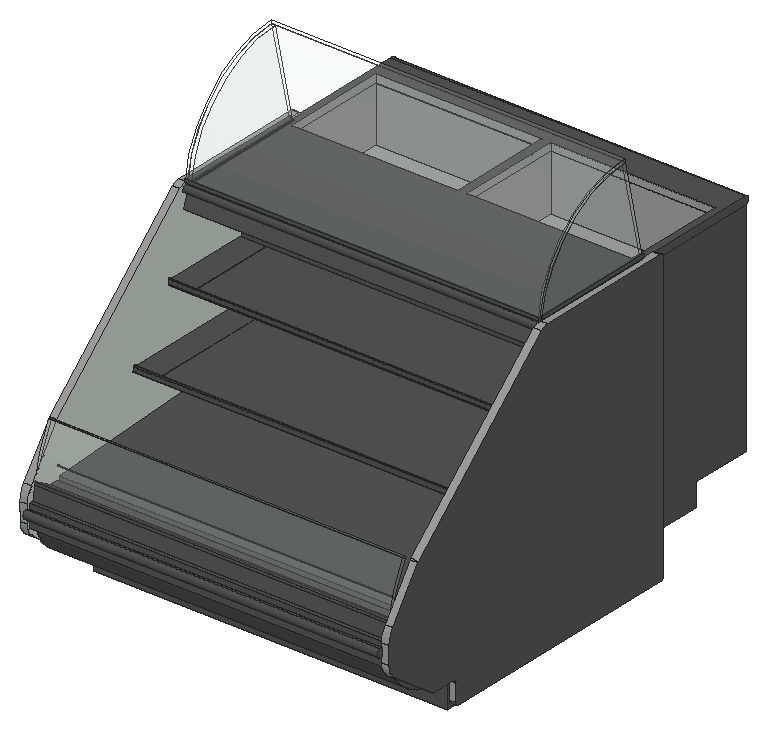
Revit family "E2SPH_2014", category Specialty Equipment, Revit 2014
Parameters (values of type "4'-0" Length")
  Width = 48 1/8"  # constant formula
  Waste Drain Location = 24"  # constant formula
  Waste Drain = 1 1/2"  # constant formula
  URL = "www.hussmann.com"
  Type Comments = "Elite"  # constant formula
  Trim = Stainless Steel
  Total Weight = Case Weight + (2 * End Weight)  # 850.00 lbf
  Splashguard = Textured Sheet Metal (Steel Painted) - 701 Black
  Side Panel - Right [instance] = yes
  Side Panel - Left [instance] = yes
  Shelves = Sheet Metal (Steel Painted) - 701 Black
  Shelf Lights [instance] = yes
  Shelf [instance] = yes
  Revit Family Date = "05/26/2016"  # constant formula
  Refrigeration Lines Suction = 7/8"  # constant formula
  Refrigeration Lines Liquid = 3/8"  # constant formula
  Refrig. Suction = "Suction"
  Refrig. Liquid = "Liquid"
  Number of Supports = 2  # constant formula
  Number of Shelves = 2  # constant formula
  Note from Manufacturer = "This model only comes in 4'-0\" length."
  Model URL = "http://www.hussmann.com/en/product%20viewer/display-cases/E2SP"
  Model = "E2SPH"  # constant formula
  Manufacturer Disclaimer = "The information in this file is not intended to be an exact representation of the corresponding Hussmann product.  Further, we reserve the right to change or revise specifications and product design in connection with any feature of our products. Such changes do not entitle the buyer to corresponding changes, improvements, additions, or replacements for equipment previously sold or shipped."  # constant formula
  Manufacturer = "Hussmann Corporation"  # constant formula
  Height = 53 3/4"  # constant formula
  Glazing = Glass
  Ends = Textured Sheet Metal (Steel Painted) - 701 Black
  End Weight = 75.00 lbf  # constant formula
  Door Frame = Plastic - 701 Black
  Description = "Self-Service Multi-Deck Display With Prep Top and Hot Wells"  # constant formula
  Depth = 63"  # constant formula
  Cutsheet URL = "http://www.hussmann.com/en/Technical%20Documents/0453532_D_E2SPH.pdf"
  Case Weight = 700.00 lbf  # constant formula
  Case Interior - Side Panel = Mirror
  Case Interior - Back Panel = Sheet Metal (Steel Painted) - 701 Black
  Case = Textured Sheet Metal (Steel Painted) - 701 Black
  Bumper = Extruded PVC - 701 Black
  Assembly Code = ""
  Accessories/Options = ""
Reference planes (in)
  plane 1 "Back": y = 0
  plane 2 "Bottom": z = 0
  plane 3 "Left": x = -77.30699
  plane 4 "Center (Left/Right)": x = -53.24449
  plane 5: x = -78.30699
  plane 6 "Right": x = -29.18199
  plane 7: x = -28.18199
  plane 8: y = -47
  plane 9: z = 22
  plane 10: z = 30
  plane 11 "Hot Well Back": y = 16
  plane 12 "Top": z = 53.75
Forms (in)
  Extrusion 1, solid, material "Metal - Copper"
    sketch origin (63.0625, 1.04319, 0) x (1, 0, 0) y (0, 1, 0)
      loop
        arc (-116.36949, -27.91819) -> (-116.89982, -28.13786) -> (-117.11949, -28.66819) r 0.75
        arc (-117.11949, -28.66819) -> (-116.89982, -29.19852) -> (-116.36949, -29.41819) r 0.75
        arc (-116.36949, -29.41819) -> (-115.83916, -29.19852) -> (-115.61949, -28.66819) r 0.75
        arc (-115.61949, -28.66819) -> (-115.83916, -28.13786) -> (-116.36949, -27.91819) r 0.75
      loop
        circle (-116.36949, -28.66819) r 0.7102
    from 5.423 to 2.937
  Extrusion 2, solid, material "Metal - Copper"
    sketch origin (57.40105, 5, -0.375) x (1, 0, 0) y (0, 1, 0)
      loop
        circle (-95.39554, -35.75) r 0.41359
      loop
        circle (-95.39554, -35.75) r 0.4375
    from 5.798 to 3.312
  Extrusion 3, solid, material "Metal - Copper"
    sketch origin (59.82608, 5, -0.375) x (1, 0, 0) y (0, 1, 0)
      loop
        circle (-97.19557, -35.75) r 0.17188
      loop
        circle (-97.19557, -35.75) r 0.1875
    from 5.798 to 3.312
  Extrusion 4, solid, material "Sheet Metal (Steel Painted) - 701 Black" <- "Shelves"
    sketch origin (-53.24449, 0, 0) x (0, 1, 0) y (0, 0, 1)
      loop
        line (-40.48772, 14.30775) -> (-40.44502, 13.49177) -> (-9.58923, 15.10631) -> (-9.63193, 15.92229) -> (-40.48772, 14.30775)
    from 24.0625 to -24.0625
  Extrusion 5, solid, material "Glass" <- "Glazing"
    sketch origin (-53.24449, 0, 0) x (0, 1, 0) y (0, 0, 1)
      loop
        line (-40.82761, 13.19641) -> (-40.57761, 13.19641) -> (-40.57761, 15.57141)
        arc (-40.57761, 15.57141) -> (-40.70261, 15.69641) -> (-40.82761, 15.57141) r 0.125
        line (-40.82761, 15.57141) -> (-40.82761, 13.19641)
      loop
        line (-44.4716, 13.072) -> (-44.15521, 14.86632)
        arc (-44.15521, 14.86632) -> (-43.23305, 18.35864) -> (-41.74236, 21.64869) r 21.62056
        arc (-41.74236, 21.64869) -> (-41.8335, 21.97009) -> (-42.15489, 21.87894) r 0.23622
        arc (-42.15489, 21.87894) -> (-43.67816, 18.51699) -> (-44.62047, 14.94836) r 22.093
        line (-44.62047, 14.94836) -> (-44.93686, 13.15404) -> (-44.4716, 13.072)
    from 24.0625 to -24.0625
  Extrusion 6, solid, material "Extruded PVC - 701 Black" <- "Bumper"
    sketch origin (-53.24449, 0, 0) x (0, 1, 0) y (0, 0, 1)
      loop
        arc (-45.9466, 12.5539) -> (-46.5001, 12.0004) -> (-45.9466, 11.4469) r 0.5535
        line (-45.9466, 11.4469) -> (-45.6381, 11.4469) -> (-45.6381, 12.5539) -> (-45.9466, 12.5539)
    from 24.0625 to -24.0625
  Extrusion 7, solid, material "Textured Sheet Metal (Steel Painted) - 701 Black" <- "Case"
    sketch origin (-53.24449, 0, 0) x (0, 1, 0) y (0, 0, 1)
      loop
        line (-44.99291, 13.208) -> (-45.6381, 13.208) -> (-45.6381, 10.214) -> (-44.69933, 10.214)
        arc (-44.69933, 10.214) -> (-41.71484, 5.93149) -> (-36.76113, 4.28594) r 8.279
        line (-36.76113, 4.28594) -> (-36.48213, 4.28594) -> (-36.48213, 4.35114) -> (-36.00615, 4.35114) -> (-36.00615, 4.38614) -> (-36.3801, 4.38614) -> (-36.3801, 4.853) -> (-33.8771, 4.853) -> (-33.8771, 5.325) -> (-33.3771, 5.325) -> (-33.3771, 5.423) -> (-10.19583, 5.423) -> (-3.25, 9.43077) -> (-3.25, 6.121) -> (7.625, 6.121) -> (7.625, 9.25) -> (16, 9.25) -> (16, 39.401) -> (-18.72518, 39.401) -> (-19.40922, 37.52161) -> (-18.93937, 37.3506) -> (-18.91504, 37.41746) -> (-19.22348, 37.79836) -> (-17.84016, 38.91855) -> (-16.57806, 37.35998) -> (-16.49391, 37.42812) -> (-16.21827, 37.08773) -> (-16.18607, 37.11381) -> (-14.91905, 35.33004) -> (-14.99512, 35.26712) -> (-14.79581, 35.02616) -> (-9.5773, 35.02616) -> (-9.5773, 11.27) -> (-38.95061, 11.27) -> (-38.95061, 12.39941) -> (-38.75145, 12.39941) -> (-38.75145, 13.19641) -> (-40.82761, 13.19641) -> (-40.82761, 13.96241) -> (-42.13687, 13.96241) -> (-42.13687, 14.02541) -> (-44.1014, 15.15963)
        arc (-44.1014, 15.15963) -> (-44.12881, 15.01307) -> (-44.15521, 14.86632) r 21.62056
        line (-44.15521, 14.86632) -> (-44.4716, 13.072) -> (-44.93686, 13.15404) -> (-44.62047, 14.94836)
        arc (-44.62047, 14.94836) -> (-44.58429, 15.14822) -> (-44.54626, 15.34774) r 22.093
        line (-44.54626, 15.34774) -> (-44.60417, 15.35905)
        arc (-44.60417, 15.35905) -> (-44.64229, 15.159) -> (-44.67858, 14.95861) r 22.152
        line (-44.67858, 14.95861) -> (-44.98726, 13.208)
    from 24.0625 to -24.0625
  Extrusion 8, solid, material "Textured Sheet Metal (Steel Painted) - 701 Black" <- "Splashguard"
    sketch origin (-53.24449, 0, 0) x (0, 1, 0) y (0, 0, 1)
      loop
        line (-34.5001, 0.071) -> (-34.2961, 0.071) -> (-34.2961, 0.024) -> (-28.3751, 0.024) -> (-28.3751, 2.008) -> (-28.8941, 2.008) -> (-28.8941, 0.571) -> (-33.7491, 0.571) -> (-33.7491, 0.506) -> (-33.7901, 0.506) -> (-33.7901, 0.106) -> (-34.0651, 0.106) -> (-34.0651, 4.161) -> (-33.7901, 4.161) -> (-33.7901, 3.761) -> (-33.7551, 3.761) -> (-33.7551, 4.196) -> (-34.2251, 4.196) -> (-34.2251, 4.752)
        arc (-34.2251, 4.752) -> (-34.25468, 4.82342) -> (-34.3261, 4.854) r 0.101
        line (-34.3261, 4.854) -> (-34.8811, 4.854) -> (-34.8811, 4.782) -> (-34.3261, 4.782)
        arc (-34.3261, 4.782) -> (-34.30489, 4.77321) -> (-34.2961, 4.752) r 0.03
        line (-34.2961, 4.752) -> (-34.2961, 4.196) -> (-34.5001, 4.196) -> (-34.5001, 0.071)
    from 24.0625 to -24.0625
  Extrusion 9, solid, material "Stainless Steel"
    sketch origin (-53.24449, 0, 0) x (0, 1, 0) y (0, 0, 1)
      loop
        line (-7.5801, 2.166) -> (-7.5801, 2.102) -> (-6.7501, 2.102) -> (-6.7501, 0) -> (-4.3751, 0) -> (-4.3751, 2.102) -> (-3.4381, 2.102) -> (-3.4381, 2.166) -> (-4.4461, 2.166) -> (-4.4461, 0.071) -> (-6.6791, 0.071) -> (-6.6791, 2.166) -> (-7.5801, 2.166)
      loop
        line (-29.2221, 2.166) -> (-29.2221, 2.102) -> (-28.3751, 2.102) -> (-28.3751, 0) -> (-26.0001, 0) -> (-26.0001, 2.102) -> (-25.0801, 2.102) -> (-25.0801, 2.166) -> (-26.0711, 2.166) -> (-26.0711, 0.071) -> (-28.3041, 0.071) -> (-28.3041, 2.166) -> (-29.2221, 2.166)
    from 24.0625 to -24.0625
  Extrusion 10, solid, material "Textured Sheet Metal (Steel Painted) - 701 Black" <- "Ends", visible <- "Side Panel - Left"
    sketch origin (-77.30699, 0, 0) x (0, 1, 0) y (0, 0, 1)
      loop
        line (-33.91139, 0.751) -> (0.2987, 0.751)
        arc (0.2987, 0.751) -> (0.65226, 0.89745) -> (0.7987, 1.251) r 0.5
        line (0.7987, 1.251) -> (0.7987, 1.75092) -> (0.7987, 39.52908) -> (0.7987, 40.029)
        arc (0.7987, 40.029) -> (0.65226, 40.38255) -> (0.2987, 40.529) r 0.5
        line (0.2987, 40.529) -> (-18.7683, 40.529)
        arc (-18.7683, 40.529) -> (-19.35866, 40.41908) -> (-19.8699, 40.10406) r 1.64036
        line (-19.8699, 40.10406) -> (-40.74717, 21.18188)
        arc (-40.74717, 21.18188) -> (-40.78473, 21.144) -> (-40.81804, 21.10232) r 0.5
        line (-40.81804, 21.10232) -> (-45.12824, 15.07716)
        arc (-45.12824, 15.07716) -> (-45.59692, 14.14464) -> (-45.7583, 13.11351) r 3.375
        line (-45.7583, 13.11351) -> (-45.7583, 10.68066)
        arc (-45.7583, 10.68066) -> (-45.49502, 9.59381) -> (-44.76358, 8.74793) r 2.375
        line (-44.76358, 8.74793) -> (-38.38853, 4.19511)
        arc (-38.38853, 4.19511) -> (-38.25052, 4.12585) -> (-38.09795, 4.102) r 0.5
        line (-38.09795, 4.102) -> (-34.9113, 4.102)
        arc (-34.9113, 4.102) -> (-34.56114, 3.95892) -> (-34.41139, 3.61156) r 0.5
        line (-34.41139, 3.61156) -> (-34.41139, 1.251)
        arc (-34.41139, 1.251) -> (-34.26494, 0.89745) -> (-33.91139, 0.751) r 0.5
    from 0 to -1
  Extrusion 11, solid, material "Sheet Metal (Steel Painted) - 701 Black" <- "Shelves"
    sketch origin (-53.24449, 0, 0) x (0, 1, 0) y (0, 0, 1)
      loop
        arc (-19, 40.401) -> (-19.5, 39.901) -> (-19, 39.401) r 0.5
        line (-19, 39.401) -> (16, 39.401)
        arc (16, 39.401) -> (16.5, 39.901) -> (16, 40.401) r 0.5
        line (16, 40.401) -> (-19, 40.401)
    from 24.0625 to -24.0625
  Extrusion 12, solid, material "Plastic - 701 Black" <- "Door Frame"
    sketch origin (-53.24449, 0, 0) x (0, 1, 0) y (0, 0, 1)
      loop
        line (-18.969, 40.436) -> (-18.969, 40.936) -> (-19.004, 40.936) -> (-19.004, 40.451)
        arc (-19.004, 40.451) -> (-18.98936, 40.41564) -> (-18.954, 40.401) r 0.05
        line (-18.954, 40.401) -> (-18.484, 40.401)
        arc (-18.484, 40.401) -> (-18.44864, 40.41564) -> (-18.434, 40.451) r 0.05
        line (-18.434, 40.451) -> (-18.434, 40.556) -> (-18.469, 40.556) -> (-18.469, 40.436) -> (-18.969, 40.436)
    from 24.0625 to -24.0625
  Extrusion 13, solid, material "Glass" <- "Glazing"
    sketch origin (-53.24449, 0, 0) x (0, 1, 0) y (0, 0, 1)
      loop
        arc (-4.314, 53.86592) -> (-14.14888, 49.97183) -> (-18.96872, 40.556) r 15
        line (-18.96872, 40.556) -> (-18.4936, 40.556)
        arc (-18.4936, 40.556) -> (-13.81466, 49.63775) -> (-4.314, 53.39385) r 14.528
        line (-4.314, 53.39385) -> (-4.314, 53.86592)
    from 24.0625 to -24.0625
  Extrusion 14, solid, material "Plastic - 701 Black" <- "Door Frame"
    sketch origin (-58.30299, -20.87436, 0) x (1, 0, 0) y (0, 0, 1)
      loop
        line (-18.969, 40.436) -> (-18.969, 40.936) -> (-19.004, 40.936) -> (-19.004, 40.451)
        arc (-19.004, 40.451) -> (-18.98936, 40.41564) -> (-18.954, 40.401) r 0.05
        line (-18.954, 40.401) -> (-18.484, 40.401)
        arc (-18.484, 40.401) -> (-18.44864, 40.41564) -> (-18.434, 40.451) r 0.05
        line (-18.434, 40.451) -> (-18.434, 40.556) -> (-18.469, 40.556) -> (-18.469, 40.436) -> (-18.969, 40.436)
    from -2.47836 to -19.57436
  Extrusion 15, solid, material "Plastic - 701 Black" <- "Door Frame"
    sketch origin (-48.18599, -20.87436, 0) x (-1, 0, 0) y (0, 0, -1)
      loop
        line (-18.969, -40.436) -> (-18.469, -40.436) -> (-18.469, -40.556) -> (-18.434, -40.556) -> (-18.434, -40.451)
        arc (-18.434, -40.451) -> (-18.44864, -40.41564) -> (-18.484, -40.401) r 0.05
        line (-18.484, -40.401) -> (-18.954, -40.401)
        arc (-18.954, -40.401) -> (-18.98936, -40.41564) -> (-19.004, -40.451) r 0.05
        line (-19.004, -40.451) -> (-19.004, -40.936) -> (-18.969, -40.936) -> (-18.969, -40.436)
    from -2.47836 to -19.57436
  Extrusion 16, solid, material "Glass" <- "Glazing"
    sketch origin (-77.30699, 0, 0) x (0, 1, 0) y (0, 0, 1)
      loop
        arc (-4.32047, 53.39374) -> (-13.81705, 49.63558) -> (-18.4936, 40.556) r 14.528
        line (-18.4936, 40.556) -> (-1.34372, 40.556) -> (-4.32047, 53.39374)
    from 0.535 to 0.035
  Extrusion 17, solid, material "Glass" <- "Glazing"
    sketch origin (-29.18199, 0, 0) x (0, 1, 0) y (0, 0, -1)
      loop
        line (-4.32047, -53.39374) -> (-1.34372, -40.556) -> (-18.4936, -40.556)
        arc (-18.4936, -40.556) -> (-13.81705, -49.63558) -> (-4.32047, -53.39374) r 14.528
    from 0.535 to 0.035
  Extrusion 18, solid, material "Textured Sheet Metal (Steel Painted) - 701 Black" <- "Ends", visible <- "Side Panel - Left"
    sketch origin (-29.18199, 0, 0) x (0, 0, 1) y (0, -1, 0)
      loop
        line (0.751, 33.91139) -> (0.751, -0.2987)
        arc (0.751, -0.2987) -> (0.89745, -0.65226) -> (1.251, -0.7987) r 0.5
        line (1.251, -0.7987) -> (1.75092, -0.7987) -> (39.52908, -0.7987) -> (40.029, -0.7987)
        arc (40.029, -0.7987) -> (40.38255, -0.65226) -> (40.529, -0.2987) r 0.5
        line (40.529, -0.2987) -> (40.529, 18.7683)
        arc (40.529, 18.7683) -> (40.41908, 19.35866) -> (40.10406, 19.8699) r 1.64036
        line (40.10406, 19.8699) -> (21.18188, 40.74717)
        arc (21.18188, 40.74717) -> (21.144, 40.78473) -> (21.10232, 40.81804) r 0.5
        line (21.10232, 40.81804) -> (15.07716, 45.12824)
        arc (15.07716, 45.12824) -> (14.14464, 45.59692) -> (13.11351, 45.7583) r 3.375
        line (13.11351, 45.7583) -> (10.68066, 45.7583)
        arc (10.68066, 45.7583) -> (9.59381, 45.49502) -> (8.74793, 44.76358) r 2.375
        line (8.74793, 44.76358) -> (4.19511, 38.38853)
        arc (4.19511, 38.38853) -> (4.12585, 38.25052) -> (4.102, 38.09795) r 0.5
        line (4.102, 38.09795) -> (4.102, 34.9113)
        arc (4.102, 34.9113) -> (3.95892, 34.56114) -> (3.61156, 34.41139) r 0.5
        line (3.61156, 34.41139) -> (1.251, 34.41139)
        arc (1.251, 34.41139) -> (0.89745, 34.26494) -> (0.751, 33.91139) r 0.5
    from 1 to 0
  Extrusion 19, solid, material "Sheet Metal (Steel Painted) - 701 Black" <- "Shelves", visible <- "Shelf"
    sketch origin (-77.30699, 0, 0) x (0, 1, 0) y (0, 0, 1)
      loop
        line (-21.83741, 29.38588) -> (-21.63861, 29.58468) -> (-21.67113, 29.58468) -> (-21.85367, 29.40214)
        arc (-21.85367, 29.40214) -> (-21.87002, 29.39889) -> (-21.87928, 29.41275) r 0.015
        line (-21.87928, 29.41275) -> (-21.87928, 30.058)
        arc (-21.87928, 30.058) -> (-21.81666, 30.13197) -> (-21.73337, 30.08242) r 0.075
        line (-21.73337, 30.08242) -> (-21.70589, 30.00263)
        arc (-21.70589, 30.00263) -> (-21.69203, 29.98406) -> (-21.66997, 29.977) r 0.038
        line (-21.66997, 29.977) -> (-9.83349, 29.977) -> (-9.85649, 30) -> (-21.68067, 30) -> (-21.71162, 30.0899)
        arc (-21.71162, 30.0899) -> (-21.82046, 30.15465) -> (-21.90228, 30.058) r 0.098
        line (-21.90228, 30.058) -> (-21.90228, 29.41275)
        arc (-21.90228, 29.41275) -> (-21.87882, 29.37764) -> (-21.83741, 29.38588) r 0.038
      loop
        line (-27.83741, 21.38588) -> (-27.63861, 21.58468) -> (-27.67113, 21.58468) -> (-27.85367, 21.40214)
        arc (-27.85367, 21.40214) -> (-27.87002, 21.39889) -> (-27.87928, 21.41275) r 0.015
        line (-27.87928, 21.41275) -> (-27.87928, 22.058)
        arc (-27.87928, 22.058) -> (-27.81666, 22.13197) -> (-27.73337, 22.08242) r 0.075
        line (-27.73337, 22.08242) -> (-27.70589, 22.00263)
        arc (-27.70589, 22.00263) -> (-27.69203, 21.98406) -> (-27.66997, 21.977) r 0.038
        line (-27.66997, 21.977) -> (-9.83349, 21.977) -> (-9.85649, 22) -> (-27.68067, 22) -> (-27.71162, 22.0899)
        arc (-27.71162, 22.0899) -> (-27.82046, 22.15465) -> (-27.90228, 22.058) r 0.098
        line (-27.90228, 22.058) -> (-27.90228, 21.41275)
        arc (-27.90228, 21.41275) -> (-27.87882, 21.37764) -> (-27.83741, 21.38588) r 0.038
    from 0 to 48.125
  Extrusion 20, void
    sketch origin (0, 0, 0) x (1, 0, 0) y (0, 1, 0)
      loop
        line (-53.77624, 12.125) -> (-76.27624, 12.125) -> (-76.27624, -2.125) -> (-53.77624, -2.125) -> (-53.77624, 12.125)
      loop
        line (-52.58824, 12.125) -> (-52.58824, -2.125) -> (-30.08824, -2.125) -> (-30.08824, 12.125) -> (-52.58824, 12.125)
    from 31.776 to 40.401
  Extrusion 21, void
    sketch origin (0, 16, 0) x (1, 0, 0) y (0, 0, 1)
      loop
        line (-30.18199, 30.75) -> (-76.30699, 30.75) -> (-76.30699, 10.25) -> (-30.18199, 10.25) -> (-30.18199, 30.75)
    from 0 to 15.2013
Cuts and joins
  Extrusion 20, Extrusion 21 cuts Extrusion 7
  Extrusion 20 cuts Extrusion 11
Lines and regions (in)
  reference lines
    curve 1: line (-73.80699, -46.5, 0) -> (-73.80699, 0, 0)
    curve 2: line (-53.30699, -46.5, 0) -> (-53.30699, 0, 0)
    curve 3: line (-32.68199, -46.5, 0) -> (-32.68199, 0, 0)
    curve 4: line (-37.55699, -46.5, 0) -> (-37.55699, 0, 0)
    curve 5: line (-77.30699, -27.625, 0) -> (-29.18199, -27.625, 0)
    curve 6: line (-29.18199, -30.75, 0) -> (-77.30699, -30.75, 0)
Dimensions and locks (in)
  equal spacing: plane 3 "Left", plane 4 "Center (Left/Right)", plane 6 "Right"
  locked: plane 5 to plane 3 "Left" at 1
  "Width": plane 3 "Left" to plane 6 "Right"
  locked: plane 3 "Left" to curve 1 at 3.5
  locked: curve 3 to plane 6 "Right" at 3.5
  "Waste Drain Location": plane 3 "Left" to curve 2
  "Depth": plane 8 to plane 11 "Hot Well Back"
  locked: curve 4 to plane 6 "Right" at 8.375
  "Height": plane 12 "Top" to level
  locked: plane 1 "Back" to curve 5 at 27.625
  locked: plane 1 "Back" to curve 6 at 30.75
  locked: plane 6 "Right" to plane 7 at 1
  locked: Extrusion 1 sketch curve to Extrusion 1 sketch curve at 0.0398
  locked: Extrusion 3 sketch curve to Extrusion 3 sketch curve at 0.01562
  locked: Extrusion 2 sketch curve to Extrusion 2 sketch curve at 0.02391
  plane 3 "Left" to Extrusion 16 to Extrusion 16 = 0.035" locked, 1/2" locked
  locked: Extrusion 17 to Extrusion 17 at 0.5
  Extrusion 17 to Extrusion 17 to plane 6 "Right" = 1/2" locked, 0.035" locked
  locked: Extrusion 15 to plane 6 "Right" at 0.57
  locked: plane 3 "Left" to Extrusion 14 at 0.57
  group 1 to group 2 = 41 1/8"
  group 1 to group 2 = 0"  (x2)
  locked: plane 9 to level at 22
  locked: level to plane 10 at 30
  locked: plane 8 to plane 1 "Back" at 47
  locked: level to Extrusion 21 sketch curve at 10.25
  locked: plane 6 "Right" to Extrusion 21 sketch curve at 1
  locked: Extrusion 21 sketch curve to plane 3 "Left" at 1
  "Waste Drain": diameter of Extrusion 1 sketch curve
  "Refrigeration Lines Liquid": diameter of Extrusion 3 sketch curve
  "Refrigeration Lines Suction": diameter of Extrusion 2 sketch curve
  aligned and locked: plane 3 "Left" to curve 5
  aligned and locked: plane 3 "Left" to curve 6
  aligned and locked: plane 6 "Right" to curve 6
  aligned and locked: plane 6 "Right" to curve 5
  aligned and locked: curve 6 to Extrusion 3 sketch curve  (x4)
  aligned and locked: curve 6 to Extrusion 2 sketch curve  (x4)
  aligned and locked: curve 5 to Extrusion 1 sketch curve  (x3)
  aligned and locked: curve 2 to Extrusion 1 sketch curve
  aligned and locked: curve 4 to Extrusion 3 sketch curve
  aligned and locked: curve 4 to Extrusion 2 sketch curve
  aligned and locked: Extrusion 4 to plane 3 "Left"
  aligned and locked: plane 6 "Right" to Extrusion 4
  aligned and locked: Extrusion 5 to plane 3 "Left"
  aligned and locked: plane 6 "Right" to Extrusion 5
  aligned and locked: Extrusion 6 to plane 3 "Left"
  aligned and locked: plane 6 "Right" to Extrusion 6
  aligned and locked: Extrusion 7 to plane 3 "Left"
  aligned and locked: plane 6 "Right" to Extrusion 7
  aligned and locked: Extrusion 8 to plane 3 "Left"
  aligned and locked: plane 6 "Right" to Extrusion 8
  aligned and locked: Extrusion 9 to plane 3 "Left"
  aligned and locked: plane 6 "Right" to Extrusion 9
  aligned and locked: plane 3 "Left" to nested 1
  aligned and locked: plane 3 "Left" to nested 2
  aligned and locked: plane 5 to Extrusion 10
  aligned and locked: plane 3 "Left" to Extrusion 10
  aligned and locked: plane 6 "Right" to Extrusion 11
  aligned and locked: Extrusion 11 to plane 3 "Left"
  aligned and locked: Extrusion 12 to plane 3 "Left"
  aligned and locked: plane 6 "Right" to Extrusion 12
  aligned and locked: Extrusion 13 to plane 3 "Left"
  aligned and locked: plane 6 "Right" to Extrusion 13
  aligned and locked: plane 6 "Right" to Extrusion 15
  aligned and locked: Extrusion 14 to plane 3 "Left"
  aligned and locked: plane 7 to Extrusion 18
  aligned and locked: Extrusion 18 to plane 6 "Right"
  aligned and locked: Extrusion 19 to plane 3 "Left"
  aligned and locked: plane 6 "Right" to Extrusion 19
  aligned and locked: curve 1 to nested 7
  aligned and locked: curve 1 to nested 4
  aligned and locked: curve 1 to nested 3
  aligned and locked: curve 3 to nested 8
  aligned and locked: plane 3 "Left" to nested 9
  aligned and locked: plane 3 "Left" to nested 10
Automatic sketch dimensions
  Extrusion 4 sketch curve to Extrusion 4 sketch curve = 0.0427"
  plane 1 "Back" to Extrusion 4 sketch curve = 9.63193"
  level to Extrusion 4 sketch curve = 13.49177"
  Extrusion 4 sketch curve to Extrusion 4 sketch curve = 0.81598"
  Extrusion 5 sketch curve to Extrusion 5 sketch curve = 0"  (x4)
  Extrusion 5 sketch curve to Extrusion 5 sketch curve = 81/256"
  Extrusion 5 sketch curve to Extrusion 5 sketch curve = 0.46526"  (x2)
  Extrusion 5 sketch curve to Extrusion 5 sketch curve = 3.64399"
  Extrusion 5 sketch curve to Extrusion 5 sketch curve = 1/8"
  level to Extrusion 5 sketch curve = 11.11195"
  Extrusion 5 sketch curve to Extrusion 5 sketch curve = 17.71449"
  level to Extrusion 5 sketch curve = 13.072"
  Extrusion 5 sketch curve to Extrusion 5 sketch curve = 21/256"
  Extrusion 5 sketch curve to Extrusion 5 sketch curve = 0.12441"
  Extrusion 5 sketch curve to Extrusion 5 sketch curve = 2 3/8"
  Extrusion 5 sketch curve to Extrusion 5 sketch curve = 6.19241"
  Extrusion 6 sketch curve to Extrusion 6 sketch curve = 0.3085"
  level to Extrusion 6 sketch curve = 11.4469"
  Extrusion 6 sketch curve to Extrusion 6 sketch curve = 0.5535"
  Extrusion 8 sketch curve to Extrusion 8 sketch curve = 0"  (x5)
  level to Extrusion 8 sketch curve = 4.782"
  level to Extrusion 8 sketch curve = 0.071"
  Extrusion 8 sketch curve to Extrusion 8 sketch curve = 0.381"
  Extrusion 8 sketch curve to Extrusion 8 sketch curve = 0.555"
  Extrusion 8 sketch curve to Extrusion 8 sketch curve = 0.204"  (x2)
  level to Extrusion 8 sketch curve = 0.024"
  Extrusion 8 sketch curve to Extrusion 8 sketch curve = 0.071"
  Extrusion 8 sketch curve to Extrusion 8 sketch curve = 0.16"
  Extrusion 8 sketch curve to Extrusion 8 sketch curve = 0.275"  (x2)
  Extrusion 8 sketch curve to Extrusion 8 sketch curve = 0.035"  (x2)
  Extrusion 8 sketch curve to Extrusion 8 sketch curve = 0.041"
  level to Extrusion 8 sketch curve = 2.008"
  Extrusion 8 sketch curve to Extrusion 8 sketch curve = 4.855"
  Extrusion 8 sketch curve to Extrusion 8 sketch curve = 0.519"
  level to Extrusion 8 sketch curve = 0.106"
  Extrusion 8 sketch curve to Extrusion 8 sketch curve = 0.4"  (x2)
  Extrusion 8 sketch curve to Extrusion 8 sketch curve = 0.065"
  Extrusion 8 sketch curve to Extrusion 8 sketch curve = 0.991"
  Extrusion 8 sketch curve to Extrusion 8 sketch curve = 0.001"
  Extrusion 9 sketch curve to level = 0"  (x2)
  level to Extrusion 9 sketch curve = 2.166"  (x2)
  Extrusion 9 sketch curve to Extrusion 9 sketch curve = 0.847"
  Extrusion 9 sketch curve to Extrusion 9 sketch curve = 0.071"  (x4)
  Extrusion 9 sketch curve to Extrusion 9 sketch curve = 2.233"  (x2)
  Extrusion 9 sketch curve to Extrusion 9 sketch curve = 0.92"
  plane 1 "Back" to Extrusion 9 sketch curve = 7.5801"
  Extrusion 9 sketch curve to Extrusion 9 sketch curve = 0.83"
  Extrusion 9 sketch curve to Extrusion 9 sketch curve = 0.937"
  level to Extrusion 9 sketch curve = 0.071"  (x2)
  Extrusion 9 sketch curve to Extrusion 9 sketch curve = 2.031"
  Extrusion 9 sketch curve to Extrusion 9 sketch curve = 0.064"  (x4)
  level to Extrusion 9 sketch curve = 2.102"
  Extrusion 11 sketch curve to plane 1 "Back" = 16"
  plane 1 "Back" to Extrusion 11 sketch curve = 19"
  Extrusion 11 sketch curve to Extrusion 11 sketch curve = 1/2"
  plane 1 "Back" to Extrusion 12 sketch curve = 19.004"
  Extrusion 12 sketch curve to Extrusion 12 sketch curve = 0.035"  (x2)
  Extrusion 12 sketch curve to Extrusion 12 sketch curve = 0.015"  (x3)
  Extrusion 12 sketch curve to Extrusion 12 sketch curve = 0.47"
  Extrusion 12 sketch curve to Extrusion 12 sketch curve = 0.105"
  Extrusion 12 sketch curve to Extrusion 12 sketch curve = 0.485"
  Extrusion 13 sketch curve to Extrusion 13 sketch curve = 0"  (x3)
  plane 1 "Back" to Extrusion 13 sketch curve = 18.96872"
  Extrusion 13 sketch curve to Extrusion 13 sketch curve = 0.47512"
  plane 1 "Back" to Extrusion 13 sketch curve = 4.314"
  plane 1 "Back" to Extrusion 13 sketch curve = 4.064"
  Extrusion 14 sketch curve to plane 3 "Left" = 0"
  Extrusion 14 sketch curve to Extrusion 14 sketch curve = 0.035"  (x2)
  Extrusion 14 sketch curve to Extrusion 14 sketch curve = 0.015"  (x3)
  Extrusion 14 sketch curve to Extrusion 14 sketch curve = 0.47"
  Extrusion 14 sketch curve to Extrusion 14 sketch curve = 0.105"
  Extrusion 14 sketch curve to Extrusion 14 sketch curve = 0.485"
  Extrusion 15 sketch curve to plane 6 "Right" = 0"
  Extrusion 15 sketch curve to Extrusion 15 sketch curve = 0.035"  (x2)
  Extrusion 15 sketch curve to Extrusion 15 sketch curve = 0.015"  (x3)
  Extrusion 15 sketch curve to Extrusion 15 sketch curve = 0.47"
  Extrusion 15 sketch curve to Extrusion 15 sketch curve = 0.38"
  Extrusion 15 sketch curve to Extrusion 15 sketch curve = 0.485"
  plane 1 "Back" to Extrusion 16 sketch curve = 18.4936"
  plane 1 "Back" to Extrusion 16 sketch curve = 4.32047"
  plane 1 "Back" to Extrusion 16 sketch curve = 4.064"
  plane 1 "Back" to Extrusion 16 sketch curve = 1.34372"
  plane 1 "Back" to Extrusion 17 sketch curve = 18.4936"
  plane 1 "Back" to Extrusion 17 sketch curve = 4.32047"
  plane 1 "Back" to Extrusion 17 sketch curve = 4.064"
  plane 1 "Back" to Extrusion 17 sketch curve = 1.34372"
  Extrusion 10 sketch curve to Extrusion 10 sketch curve = 0.07088"
  Extrusion 10 sketch curve to Extrusion 10 sketch curve = 0.40666"
  level to Extrusion 10 sketch curve = 0.751"
  Extrusion 10 sketch curve to plane 1 "Back" = 0.2987"  (x2)
  Extrusion 10 sketch curve to Extrusion 10 sketch curve = 2.43286"
  Extrusion 10 sketch curve to Extrusion 10 sketch curve = 0.29091"
  Extrusion 10 sketch curve to Extrusion 10 sketch curve = 0.49992"  (x2)
  Extrusion 10 sketch curve to Extrusion 10 sketch curve = 2.36056"
  Extrusion 10 sketch curve to Extrusion 10 sketch curve = 0.49991"
  Extrusion 10 sketch curve to Extrusion 10 sketch curve = 0.00956"
  Extrusion 10 sketch curve to Extrusion 10 sketch curve = 3.18665"
  Extrusion 10 sketch curve to Extrusion 10 sketch curve = 1/2"  (x2)
  Extrusion 10 sketch curve to Extrusion 10 sketch curve = 0.29059"
  Extrusion 10 sketch curve to Extrusion 10 sketch curve = 2 3/8"
  Extrusion 10 sketch curve to Extrusion 10 sketch curve = 4.55282"
  level to Extrusion 10 sketch curve = 4.19511"
  Extrusion 10 sketch curve to Extrusion 10 sketch curve = 1.96364"
  Extrusion 10 sketch curve to Extrusion 10 sketch curve = 5.73425"
  plane 1 "Back" to Extrusion 10 sketch curve = 19.8699"
  Extrusion 10 sketch curve to Extrusion 10 sketch curve = 1.1016"
  Extrusion 10 sketch curve to Extrusion 10 sketch curve = 1.21543"
  level to Extrusion 18 sketch curve = 0.751"
  Extrusion 18 sketch curve to Extrusion 18 sketch curve = 1/2"  (x3)
  Extrusion 18 sketch curve to Extrusion 18 sketch curve = 0.49992"  (x2)
  Extrusion 18 sketch curve to Extrusion 18 sketch curve = 2.351"
  Extrusion 18 sketch curve to Extrusion 18 sketch curve = 0.00956"
  Extrusion 18 sketch curve to Extrusion 18 sketch curve = 0.09311"
  Extrusion 18 sketch curve to Extrusion 18 sketch curve = 0.40689"
  Extrusion 18 sketch curve to Extrusion 18 sketch curve = 4.55282"
  Extrusion 18 sketch curve to Extrusion 18 sketch curve = 1.93273"
  Extrusion 18 sketch curve to Extrusion 18 sketch curve = 2.43286"
  Extrusion 18 sketch curve to Extrusion 18 sketch curve = 1.96364"
  Extrusion 18 sketch curve to Extrusion 18 sketch curve = 5.73425"
  Extrusion 18 sketch curve to Extrusion 18 sketch curve = 0.29091"
  Extrusion 18 sketch curve to Extrusion 18 sketch curve = 0.07956"
  Extrusion 18 sketch curve to plane 1 "Back" = 0.7987"
  Extrusion 18 sketch curve to Extrusion 18 sketch curve = 1.21543"
  Extrusion 18 sketch curve to plane 1 "Back" = 0.2987"
  plane 1 "Back" to Extrusion 18 sketch curve = 18.7683"
  Extrusion 18 sketch curve to Extrusion 18 sketch curve = 3.18665"
  Extrusion 18 sketch curve to Extrusion 18 sketch curve = 2.74495"
  Extrusion 13 sketch curve to Extrusion 13 sketch curve = 1.688"
  Extrusion 16 sketch curve to Extrusion 16 sketch curve = 1.688"
  plane 8 to Extrusion 4 sketch curve = 6.55498"
  plane 8 to Extrusion 5 sketch curve = 2.06314"
  plane 8 to Extrusion 5 sketch curve = 5.05138"
  plane 8 to Extrusion 6 sketch curve = 1.0534"
  plane 8 to Extrusion 8 sketch curve = 12.1189"
  Extrusion 9 sketch curve to Extrusion 9 sketch curve = 17 1/2"
  plane 8 to Extrusion 10 sketch curve = 13.08861"
  plane 8 to Extrusion 10 sketch curve = 6.58862"
  plane 8 to Extrusion 10 sketch curve = 4.6167"
  Extrusion 10 sketch curve to Extrusion 10 sketch curve = 1"
  Extrusion 10 sketch curve to Extrusion 10 sketch curve = 0.99472"
  plane 8 to Extrusion 18 sketch curve = 13.08861"
  plane 8 to Extrusion 18 sketch curve = 6.58862"
  Extrusion 18 sketch curve to Extrusion 18 sketch curve = 0.33578"
  plane 8 to Extrusion 18 sketch curve = 4.6167"
  Extrusion 18 sketch curve to Extrusion 18 sketch curve = 2 3/8"
  Extrusion 19 sketch curve to Extrusion 19 sketch curve = 0"  (x8)
  plane 8 to Extrusion 19 sketch curve = 19.09772"
  Extrusion 19 sketch curve to Extrusion 19 sketch curve = 0.023"  (x6)
  Extrusion 19 sketch curve to Extrusion 19 sketch curve = 0.015"  (x2)
  Extrusion 19 sketch curve to Extrusion 19 sketch curve = 0.01061"  (x2)
  Extrusion 19 sketch curve to Extrusion 19 sketch curve = 0.01626"  (x2)
  Extrusion 19 sketch curve to Extrusion 19 sketch curve = 0.075"  (x2)
  Extrusion 19 sketch curve to Extrusion 19 sketch curve = 0.07091"  (x2)
  Extrusion 19 sketch curve to Extrusion 19 sketch curve = 0.02175"  (x2)
  Extrusion 19 sketch curve to Extrusion 19 sketch curve = 0.02747"  (x2)
  Extrusion 19 sketch curve to Extrusion 19 sketch curve = 0.02523"  (x2)
  Extrusion 19 sketch curve to Extrusion 19 sketch curve = 0.18254"  (x4)
  Extrusion 19 sketch curve to Extrusion 19 sketch curve = 0.0107"  (x2)
  Extrusion 19 sketch curve to Extrusion 19 sketch curve = 0.03253"  (x2)
  Extrusion 19 sketch curve to Extrusion 19 sketch curve = 5.80934"
  plane 1 "Back" to Extrusion 19 sketch curve = 9.85649"  (x2)
  level to Extrusion 19 sketch curve = 21.38588"
  Extrusion 19 sketch curve to Extrusion 19 sketch curve = 0.39232"  (x2)
  Extrusion 19 sketch curve to Extrusion 19 sketch curve = 0.00263"  (x2)
  Extrusion 19 sketch curve to Extrusion 19 sketch curve = 0.05537"  (x2)
  Extrusion 19 sketch curve to Extrusion 19 sketch curve = 7.29598"
  Extrusion 7 sketch curve to Extrusion 7 sketch curve = 0"  (x5)
  Extrusion 7 sketch curve to plane 11 "Hot Well Back" = 0"
  Extrusion 7 sketch curve to Extrusion 7 sketch curve = 6.3273"
  Extrusion 7 sketch curve to Extrusion 7 sketch curve = 0.61854"
  Extrusion 7 sketch curve to Extrusion 7 sketch curve = 5.21851"
  Extrusion 7 sketch curve to plane 10 = 5.33004"
  Extrusion 7 sketch curve to Extrusion 7 sketch curve = 0.12324"
  Extrusion 7 sketch curve to plane 10 = 5.26712"
  Extrusion 7 sketch curve to Extrusion 7 sketch curve = 0.07607"
  Extrusion 7 sketch curve to plane 10 = 7.11381"
  Extrusion 7 sketch curve to Extrusion 7 sketch curve = 1.26701"
  Extrusion 7 sketch curve to plane 10 = 7.08773"
  Extrusion 7 sketch curve to Extrusion 7 sketch curve = 0.03221"
  Extrusion 7 sketch curve to plane 10 = 7.42812"
  Extrusion 7 sketch curve to plane 10 = 7.35998"
  Extrusion 7 sketch curve to plane 10 = 8.91855"
  Extrusion 7 sketch curve to Extrusion 7 sketch curve = 0.88501"
  Extrusion 7 sketch curve to plane 10 = 7.41746"
  Extrusion 7 sketch curve to Extrusion 7 sketch curve = 1.07487"
  Extrusion 7 sketch curve to plane 10 = 7.3506"
  Extrusion 7 sketch curve to Extrusion 7 sketch curve = 0.02433"
  level to Extrusion 7 sketch curve = 37.52161"
  level to Extrusion 7 sketch curve = 5.423"
  Extrusion 7 sketch curve to Extrusion 7 sketch curve = 10.51398"
  Extrusion 7 sketch curve to Extrusion 7 sketch curve = 1/2"
  Extrusion 7 sketch curve to Extrusion 7 sketch curve = 2.12906"
  Extrusion 7 sketch curve to Extrusion 7 sketch curve = 0.37395"
  Extrusion 7 sketch curve to Extrusion 7 sketch curve = 0.10203"
  Extrusion 7 sketch curve to Extrusion 7 sketch curve = 0.279"
  Extrusion 7 sketch curve to Extrusion 7 sketch curve = 1.99032"
  Extrusion 7 sketch curve to Extrusion 7 sketch curve = 0.19916"
  Extrusion 7 sketch curve to Extrusion 7 sketch curve = 2.07616"
  Extrusion 7 sketch curve to Extrusion 7 sketch curve = 1.30926"
  Extrusion 7 sketch curve to Extrusion 7 sketch curve = 1.96453"
  Extrusion 7 sketch curve to Extrusion 7 sketch curve = 0.05381"
  Extrusion 7 sketch curve to Extrusion 7 sketch curve = 81/256"
  Extrusion 7 sketch curve to Extrusion 7 sketch curve = 0.44486"
  Extrusion 7 sketch curve to Extrusion 7 sketch curve = 0.05791"
  Extrusion 7 sketch curve to Extrusion 7 sketch curve = 19/256"
  Extrusion 7 sketch curve to Extrusion 7 sketch curve = 0.0581"
  plane 8 to Extrusion 7 sketch curve = 2.30067"
  Extrusion 7 sketch curve to Extrusion 7 sketch curve = 0.46526"
  Extrusion 7 sketch curve to Extrusion 7 sketch curve = 0.93878"
  Extrusion 7 sketch curve to Extrusion 7 sketch curve = 0.098"
  Extrusion 7 sketch curve to Extrusion 7 sketch curve = 0.472"
  Extrusion 7 sketch curve to Extrusion 7 sketch curve = 0.46685"
  Extrusion 7 sketch curve to Extrusion 7 sketch curve = 0.035"
  Extrusion 7 sketch curve to Extrusion 7 sketch curve = 0.0652"
  Extrusion 7 sketch curve to Extrusion 7 sketch curve = 3.30977"
  level to Extrusion 7 sketch curve = 10.214"
  plane 9 to Extrusion 7 sketch curve = 10.88805"
  Extrusion 7 sketch curve to Extrusion 7 sketch curve = 1.29494"
  Extrusion 7 sketch curve to Extrusion 7 sketch curve = 1.12941"
  Extrusion 7 sketch curve to Extrusion 7 sketch curve = 2.858"
  Extrusion 7 sketch curve to Extrusion 7 sketch curve = 21/256"
  Extrusion 7 sketch curve to Extrusion 7 sketch curve = 0.797"
  Extrusion 7 sketch curve to Extrusion 7 sketch curve = 0.05396"
  Extrusion 7 sketch curve to Extrusion 7 sketch curve = 0.766"
  Extrusion 7 sketch curve to Extrusion 7 sketch curve = 0.063"
  Extrusion 7 sketch curve to Extrusion 7 sketch curve = 0.01025"
  Extrusion 7 sketch curve to plane 1 "Back" = 7 5/8"
  Extrusion 7 sketch curve to Extrusion 7 sketch curve = 0.0504"
  Extrusion 7 sketch curve to Extrusion 7 sketch curve = 0.00565"
  Extrusion 7 sketch curve to Extrusion 7 sketch curve = 0.70124"
  Extrusion 7 sketch curve to Extrusion 7 sketch curve = 3.129"
  plane 1 "Back" to Extrusion 7 sketch curve = 19.40922"
  level to Extrusion 7 sketch curve = 6.121"
  plane 3 "Left" to Extrusion 20 sketch curve = 1.03075"
  Extrusion 20 sketch curve to plane 4 "Center (Left/Right)" = 0.53175"
  plane 4 "Center (Left/Right)" to Extrusion 20 sketch curve = 21/32"
  Extrusion 20 sketch curve to plane 6 "Right" = 29/32"
  plane 1 "Back" to Extrusion 20 sketch curve = 2 1/8"
  Extrusion 20 sketch curve to Extrusion 20 sketch curve = 0"  (x2)
  plane 11 "Hot Well Back" to Extrusion 20 sketch curve = 3 7/8"
  Extrusion 10 sketch curve to plane 10 = 8.88864"
  Extrusion 11 sketch curve to plane 10 = 9.401"
  Extrusion 12 sketch curve to plane 10 = 10.401"
  Extrusion 13 sketch curve to plane 10 = 8.868"
  Extrusion 14 sketch curve to plane 10 = 10.401"
  Extrusion 15 sketch curve to plane 10 = 10.936"
  Extrusion 16 sketch curve to plane 10 = 8.868"
  plane 12 "Top" to Extrusion 17 sketch curve = 0.35626"
  Extrusion 17 sketch curve to plane 10 = 10.556"
  Extrusion 18 sketch curve to plane 10 = 8.88864"
  Extrusion 18 sketch curve to plane 10 = 9.52908"
  Extrusion 21 sketch curve to plane 10 = 3/4"
  Extrusion 1 sketch curve to Extrusion 1 sketch curve = 0"  (x2)
  Extrusion 2 sketch curve to Extrusion 2 sketch curve = 0"
  Extrusion 3 sketch curve to Extrusion 3 sketch curve = 0"
  plane 1 "Back" to curve 4 = 0"
  plane 1 "Back" to curve 1 = 0"
  plane 1 "Back" to curve 3 = 0"
  plane 1 "Back" to curve 2 = 0"
  plane 8 to curve 3 = 1/2"
  plane 8 to curve 2 = 1/2"
  plane 8 to curve 4 = 1/2"
  plane 8 to curve 1 = 1/2"
Nested families (in)
  nested 1: "Light" at (-5.30699, -8.76699, -14.849), type "Light"
    with Length 48 1/8"
  nested 2: "Light" at (-5.30699, -10.01699, -14.849), type "Light"
    with Length 48 1/8"
  nested 3: "Shelf - E Series" at (-73.93199, -9.60228, 17.08109), visible <- "Shelf", type "18""
    with Depth 18"
  nested 4: "Shelf - E Series" at (-73.93199, -9.60228, 25.08109), visible <- "Shelf", type "12""
  nested 5: "Shelf - E Series" at (-32.80699, -9.60228, 17.08109), visible <- "Shelf", type "18""
    with Depth 18"
  nested 6: "Shelf - E Series" at (-32.80699, -9.60228, 25.08109), visible <- "Shelf", type "12""
  nested 7: "Cross Member - E Series" at (-72.3125, 0.34772, 0), type "Cross Member - E Series"
  nested 8: "Cross Member - E Series" at (-31.1875, 0.34772, 0), type "Cross Member - E Series"
  nested 9: "Light" at (-5.30699, -11.97829, -23.0215), visible <- "Shelf Lights", type "Light"
    with Length 48 1/8"
  nested 10: "Light" at (-5.30699, -17.97829, -31.0215), visible <- "Shelf Lights", type "Light"
    with Length 48 1/8"
Connectors (in)
  piping at (-53.30699, -27.625, 2.937), diameter 1.5, driven by "Waste Drain"
    settings: on Extrusion 1, index 8, connector inside diameter 1 1/4", connector length 0", flow factor 0, pipe flow 0 GPM, pressure drop 0.00 psi, fitting loss kfactor 0, connector angle 0.00°, fixture units 0, engagement length 0", angle of deflection 0.00°, flow configuration 0, flow direction 0, fitting loss method 0, system type 16, joint type 0, gender type 0, connector reference index -1, connector utility 0, adjustable connector no, is connector primary yes, connector description "1 1/4\""
  piping at (-37.99449, -30.75, 2.937), diameter 0.875, driven by "Refrig. Suction", driven by "Refrigeration Lines Suction"
    settings: on Extrusion 2, index 9, connector inside diameter 7/8", connector length 0", flow factor 0, pipe flow 0 GPM, pressure drop 0.00 psi, fitting loss kfactor 0, connector angle 0.00°, fixture units 0, engagement length 0", angle of deflection 0.00°, flow configuration 0, flow direction 2, fitting loss method 0, system type 22, joint type 0, gender type 0, connector reference index -1, connector utility 0, adjustable connector no, is connector primary no, connector description "Suction"
  piping at (-37.36949, -30.75, 2.937), diameter 0.375, driven by "Refrig. Liquid", driven by "Refrigeration Lines Liquid"
    settings: on Extrusion 3, index 10, connector inside diameter 3/8", connector length 0", flow factor 0, pipe flow 0 GPM, pressure drop 0.00 psi, fitting loss kfactor 0, connector angle 0.00°, fixture units 0, engagement length 0", angle of deflection 0.00°, flow configuration 0, flow direction 1, fitting loss method 0, system type 22, joint type 0, gender type 0, connector reference index -1, connector utility 0, adjustable connector no, is connector primary no, connector description "Liquid"
Definition of nested family "Shelf - E Series"
  Parameters (values of type "18"")
    Width = 1/4"
    Shelf Bracket = Sheet Metal (Steel Painted) - 701 Black
    Height = 4.89591"
    Depth = 12"
  Types (2): name
    18"
    12"
  Reference planes (in)
    plane 1 "Back": y = 0
    plane 2: z = 0
    plane 3 "Left": x = 0
    plane 4 "Front": y = -12
    plane 5 "Right": x = 0.25
    plane 6: z = 4.89591
    plane 7 "Center (Left/Right)": x = 0.125
  Forms (in)
    Extrusion 1, solid, material "Sheet Metal (Steel Painted) - 701 Black" <- "Shelf Bracket"
      sketch origin (0, 0, 0) x (0, 1, 0) y (0, 0, 1)
        loop
          line (0.07326, 0.26836) -> (0.18143, 0.26875)
          arc (0.18143, 0.26875) -> (0.3025, 0.36199) -> (0.24317, 0.50282) r 0.12517
          line (0.24317, 0.50282) -> (-0.04494, 0.66605)
          arc (-0.04494, 0.66605) -> (-0.07187, 0.69679) -> (-0.07382, 0.7376) r 0.062
          line (-0.07382, 0.7376) -> (0.10406, 1.33811) -> (0.09305, 2.59922) -> (0.01772, 3.20416)
          arc (0.01772, 3.20416) -> (0.03288, 3.25348) -> (0.07981, 3.27494) r 0.063
          line (0.07981, 3.27494) -> (0.15806, 3.27547) -> (0.15929, 3.09434) -> (0.56271, 3.06679) -> (0.68212, 3.03122) -> (0.63408, 2.86666) -> (1.2983, 2.73359) -> (1.40516, 2.66752) -> (1.32096, 2.53134) -> (1.94726, 2.21454) -> (2.03229, 2.12435) -> (1.91623, 2.01494)
          arc (1.91623, 2.01494) -> (2.32601, 2.00181) -> (2.34025, 2.41156) r 0.2903
          arc (2.34025, 2.41156) -> (1.62913, 3.00885) -> (0.79406, 3.41517) r 3.78823
          arc (0.79406, 3.41517) -> (0.76115, 3.40549) -> (0.74067, 3.43301) r 0.03
          arc (0.74067, 3.43301) -> (0.42541, 3.52091) -> (0.10373, 3.58126) r 3.78823
          arc (0.10373, 3.58126) -> (0.02969, 3.62316) -> (-0.00038, 3.70274) r 0.125
          line (-0.00038, 3.70274) -> (-0.01867, 4.21036)
          arc (-0.01867, 4.21036) -> (-0.00134, 4.25606) -> (0.04347, 4.27562) r 0.063
          line (0.04347, 4.27562) -> (0.14916, 4.277) -> (0.15148, 4.09933) -> (0.8496, 4.03037) -> (0.96839, 3.99481) -> (0.92223, 3.84061) -> (1.16715, 3.78222)
          arc (1.16715, 3.78222) -> (1.31884, 3.92198) -> (1.24674, 4.11523) r 0.18489
          arc (1.24674, 4.11523) -> (0.5579, 4.49791) -> (-0.2, 4.71364) r 3.43695
          arc (-0.2, 4.71364) -> (-0.21607, 4.71919) -> (-0.23121, 4.72694) r 0.121
          line (-0.23121, 4.72694) -> (-0.23121, 4.89591) -> (-12, 4.89591) -> (-12, 4.52233)
          spline (-12, 4.52233) -> (-11.99893, 4.50603) -> (-11.99574, 4.49) -> (-11.99049, 4.47453) -> (-11.98325, 4.45987) -> (-11.97417, 4.44628) -> (-11.96339, 4.434) -> (-11.9511, 4.42322) -> (-11.9375, 4.41415) -> (-11.92284, 4.40692) -> (-11.90735, 4.40167) -> (-11.89132, 4.39848) -> (-11.875, 4.39741)
          line (-11.875, 4.39741) -> (-10.09303, 4.39741)
          spline (-10.09303, 4.39741) -> (-10.07672, 4.39634) -> (-10.06068, 4.39315) -> (-10.0452, 4.3879) -> (-10.03053, 4.38067) -> (-10.01694, 4.37159) -> (-10.00465, 4.36082) -> (-9.99387, 4.34853) -> (-9.98478, 4.33495) -> (-9.97755, 4.32029) -> (-9.9723, 4.30482) -> (-9.96911, 4.28879) -> (-9.96804, 4.27249)
          line (-9.96804, 4.27249) -> (-9.96804, 3.92271)
          spline (-9.96804, 3.92271) -> (-9.96697, 3.9064) -> (-9.96378, 3.89037) -> (-9.95852, 3.8749) -> (-9.95129, 3.86025) -> (-9.94221, 3.84666) -> (-9.93142, 3.83437) -> (-9.91913, 3.8236) -> (-9.90554, 3.81452) -> (-9.89087, 3.80729) -> (-9.87539, 3.80204) -> (-9.85935, 3.79885) -> (-9.84304, 3.79779)
          line (-9.84304, 3.79779) -> (-3.71618, 3.79779)
          arc (-3.71618, 3.79779) -> (-2.98005, 3.43429) -> (-2.45199, 2.80567) r 1.99996
          line (-2.45199, 2.80567) -> (-1.47212, 0.97726)
          arc (-1.47212, 0.97726) -> (-1.05125, 0.43902) -> (-0.47377, 0.07386) r 1.99996
          line (-0.47377, 0.07386) -> (-0.29521, 0) -> (-0.24369, 0.17221) -> (0.07446, 0.09812) -> (0.07326, 0.26836)
      from 0 to 0.25
  Dimensions and locks (in)
    "Depth": plane 4 "Front" to plane 1 "Back"
    locked: Extrusion 1 sketch curve to plane 1 "Back" at 3.71618
    locked: plane 4 "Front" to Extrusion 1 sketch curve at 2.03196
    "Width": plane 5 "Right" to plane 3 "Left"
    "Height": plane 6 to level
    equal spacing: plane 3 "Left", plane 7 "Center (Left/Right)", plane 5 "Right"
    aligned and locked: plane 2 to level
    aligned and locked: Extrusion 1 to plane 3 "Left"
    aligned and locked: plane 5 "Right" to Extrusion 1
    aligned and locked: Extrusion 1 sketch curve to plane 4 "Front"
  Automatic sketch dimensions
    Extrusion 1 sketch curve to Extrusion 1 sketch curve = 0"  (x2)
    Extrusion 1 sketch curve to level = 0"
    Extrusion 1 sketch curve to plane 4 "Front" = 1/8"
    Extrusion 1 sketch curve to Extrusion 1 sketch curve = 1/8"  (x2)
    Extrusion 1 sketch curve to Extrusion 1 sketch curve = 0.49859"
    Extrusion 1 sketch curve to Extrusion 1 sketch curve = 1.26419"
    plane 1 "Back" to Extrusion 1 sketch curve = 1.47212"
    plane 1 "Back" to Extrusion 1 sketch curve = 0.75578"
    level to Extrusion 1 sketch curve = 0.07386"
    plane 1 "Back" to Extrusion 1 sketch curve = 0.47377"
    Extrusion 1 sketch curve to Extrusion 1 sketch curve = 0.0404"
    Extrusion 1 sketch curve to Extrusion 1 sketch curve = 0.17856"
    Extrusion 1 sketch curve to Extrusion 1 sketch curve = 0.05152"
    plane 1 "Back" to Extrusion 1 sketch curve = 0.07382"
    plane 1 "Back" to Extrusion 1 sketch curve = 0.04494"
    plane 1 "Back" to Extrusion 1 sketch curve = 0.01867"
    plane 1 "Back" to Extrusion 1 sketch curve = 0.01438"
    plane 1 "Back" to Extrusion 1 sketch curve = 0.00038"
    Extrusion 1 sketch curve to plane 1 "Back" = 0.01772"
    Extrusion 1 sketch curve to plane 1 "Back" = 0.04347"
    Extrusion 1 sketch curve to plane 1 "Back" = 0.04429"
    Extrusion 1 sketch curve to plane 1 "Back" = 0.07326"
    Extrusion 1 sketch curve to plane 1 "Back" = 0.07446"
    Extrusion 1 sketch curve to plane 1 "Back" = 0.07981"
    Extrusion 1 sketch curve to Extrusion 1 sketch curve = 1/16"
    Extrusion 1 sketch curve to plane 1 "Back" = 0.09305"
    Extrusion 1 sketch curve to plane 1 "Back" = 0.10406"
    Extrusion 1 sketch curve to plane 1 "Back" = 0.1246"
    Extrusion 1 sketch curve to Extrusion 1 sketch curve = 0.10569"
    Extrusion 1 sketch curve to plane 1 "Back" = 0.15148"
    Extrusion 1 sketch curve to Extrusion 1 sketch curve = 0.07825"
    Extrusion 1 sketch curve to Extrusion 1 sketch curve = 0.07905"
    Extrusion 1 sketch curve to Extrusion 1 sketch curve = 0.10816"
    Extrusion 1 sketch curve to Extrusion 1 sketch curve = 0.00004"
    Extrusion 1 sketch curve to Extrusion 1 sketch curve = 0.0617"
    Extrusion 1 sketch curve to plane 1 "Back" = 0.29066"
    Extrusion 1 sketch curve to Extrusion 1 sketch curve = 0.40342"
    Extrusion 1 sketch curve to Extrusion 1 sketch curve = 0.07136"
    Extrusion 1 sketch curve to Extrusion 1 sketch curve = 0.11941"
    Extrusion 1 sketch curve to Extrusion 1 sketch curve = 0.08854"
    Extrusion 1 sketch curve to Extrusion 1 sketch curve = 0.07895"
    Extrusion 1 sketch curve to Extrusion 1 sketch curve = 0.07263"
    Extrusion 1 sketch curve to Extrusion 1 sketch curve = 0.11879"
    Extrusion 1 sketch curve to Extrusion 1 sketch curve = 0.17062"
    Extrusion 1 sketch curve to Extrusion 1 sketch curve = 0.02814"
    Extrusion 1 sketch curve to Extrusion 1 sketch curve = 0.66423"
    Extrusion 1 sketch curve to Extrusion 1 sketch curve = 0.02266"
    Extrusion 1 sketch curve to Extrusion 1 sketch curve = 0.10686"
    Extrusion 1 sketch curve to Extrusion 1 sketch curve = 0.59526"
    Extrusion 1 sketch curve to Extrusion 1 sketch curve = 0.03103"
    Extrusion 1 sketch curve to Extrusion 1 sketch curve = 0.08503"
    Extrusion 1 sketch curve to Extrusion 1 sketch curve = 0.09542"
    Extrusion 1 sketch curve to level = 0.16869"
    level to Extrusion 1 sketch curve = 0.09812"
    level to Extrusion 1 sketch curve = 0.17221"
    Extrusion 1 sketch curve to Extrusion 1 sketch curve = 0.17024"
    Extrusion 1 sketch curve to Extrusion 1 sketch curve = 0.00039"
    Extrusion 1 sketch curve to Extrusion 1 sketch curve = 0.12517"
    Extrusion 1 sketch curve to Extrusion 1 sketch curve = 0.16323"
    Extrusion 1 sketch curve to Extrusion 1 sketch curve = 0.05394"
    level to Extrusion 1 sketch curve = 0.97726"
    Extrusion 1 sketch curve to Extrusion 1 sketch curve = 0.34466"
    Extrusion 1 sketch curve to Extrusion 1 sketch curve = 0.58386"
    level to Extrusion 1 sketch curve = 1.86097"
    Extrusion 1 sketch curve to Extrusion 1 sketch curve = 0.09298"
    Extrusion 1 sketch curve to Extrusion 1 sketch curve = 0.1094"
    Extrusion 1 sketch curve to Extrusion 1 sketch curve = 0.08948"
    Extrusion 1 sketch curve to Extrusion 1 sketch curve = 0.09019"
    Extrusion 1 sketch curve to Extrusion 1 sketch curve = 0.3168"
    Extrusion 1 sketch curve to Extrusion 1 sketch curve = 0.67726"
    Extrusion 1 sketch curve to Extrusion 1 sketch curve = 0.13618"
    Extrusion 1 sketch curve to Extrusion 1 sketch curve = 0.06608"
    Extrusion 1 sketch curve to Extrusion 1 sketch curve = 0.9447"
    Extrusion 1 sketch curve to Extrusion 1 sketch curve = 0.26744"
    Extrusion 1 sketch curve to Extrusion 1 sketch curve = 0.16455"
    Extrusion 1 sketch curve to Extrusion 1 sketch curve = 0.03558"
    Extrusion 1 sketch curve to Extrusion 1 sketch curve = 0.02755"
    Extrusion 1 sketch curve to Extrusion 1 sketch curve = 0.10981"
    Extrusion 1 sketch curve to Extrusion 1 sketch curve = 0.00778"
    Extrusion 1 sketch curve to Extrusion 1 sketch curve = 0.40272"
    Extrusion 1 sketch curve to Extrusion 1 sketch curve = 0.4278"
    Extrusion 1 sketch curve to Extrusion 1 sketch curve = 0.00177"
    Extrusion 1 sketch curve to Extrusion 1 sketch curve = 0.34828"
    Extrusion 1 sketch curve to Extrusion 1 sketch curve = 0.0584"
    Extrusion 1 sketch curve to Extrusion 1 sketch curve = 0.18274"
    Extrusion 1 sketch curve to Extrusion 1 sketch curve = 0.15419"
    Extrusion 1 sketch curve to Extrusion 1 sketch curve = 0.03556"
    Extrusion 1 sketch curve to Extrusion 1 sketch curve = 0.39482"
    Extrusion 1 sketch curve to Extrusion 1 sketch curve = 0.11103"
    Extrusion 1 sketch curve to Extrusion 1 sketch curve = 0.00227"
    Extrusion 1 sketch curve to Extrusion 1 sketch curve = 0.4747"
    Extrusion 1 sketch curve to Extrusion 1 sketch curve = 0.0312"
    Extrusion 1 sketch curve to plane 1 "Back" = 0.10373"
    Extrusion 1 sketch curve to Extrusion 1 sketch curve = 0.02999"
    Extrusion 1 sketch curve to Extrusion 1 sketch curve = 0.0234"
    Extrusion 1 sketch curve to Extrusion 1 sketch curve = 0.12492"  (x3)
    Extrusion 1 sketch curve to plane 6 = 0"
    plane 1 "Back" to Extrusion 1 sketch curve = 0.23121"
    Extrusion 1 sketch curve to Extrusion 1 sketch curve = 0.06258"
    Extrusion 1 sketch curve to Extrusion 1 sketch curve = 0.16897"
    Extrusion 1 sketch curve to plane 6 = 0.06541"
Definition of nested family "Cross Member - E Series"
  Parameters (values of type "Cross Member - E Series")
    Width = 1 1/2"
    URL = "www.hussmann.com"
    Type Comments = ""
    Revit Family Date = "06/25/2015"
    Model = ""
    Manufacturer = "Hussmann Corporation"
    Height = 29.392"
    Floor Support = none
    Description = ""
    Depth = 29.27728"
    Assembly Code = ""
    Accessories/Options = ""
  Reference planes (in)
    plane 1 "Back": y = -0.34772
    plane 2 "Bottom": z = 0
    plane 3 "Top": z = 29.392
    plane 4 "Left": x = -2.24449
    plane 5 "Right": x = -0.74449
    plane 6 "Front": y = -29.625
    plane 7 "Center (Left/Right)": x = -1.49449
    plane 8: z = 2.173
  Forms (in)
    Extrusion 1, solid, material <- "Floor Support"
      sketch origin (-1.49449, 0, 0) x (0, 1, 0) y (0, 0, 1)
        loop
          line (-0.34772, 2.173) -> (-0.34772, 29.392) -> (-3.59772, 29.392) -> (-3.59772, 5.423) -> (-29.625, 5.423) -> (-29.625, 2.173) -> (-0.34772, 2.173)
      from -0.75 to 0.75
  Dimensions and locks (in)
    equal spacing: plane 4 "Left", plane 7 "Center (Left/Right)", plane 5 "Right"
    "Width": plane 4 "Left" to plane 5 "Right"
    "Depth": plane 6 "Front" to plane 1 "Back"
    "Height": plane 3 "Top" to level
    locked: plane 8 to level at 2.173
    locked: plane 8 to Extrusion 1 sketch curve at 3.25
    locked: plane 1 "Back" to Extrusion 1 sketch curve at 3.25
    aligned and locked: plane 8 to Extrusion 1  (x2)
    aligned and locked: Extrusion 1 to plane 1 "Back"  (x2)
    aligned and locked: Extrusion 1 to plane 6 "Front"  (x2)
    aligned and locked: Extrusion 1 to plane 4 "Left"
    aligned and locked: plane 5 "Right" to Extrusion 1
    aligned and locked: plane 3 "Top" to Extrusion 1 sketch curve
    aligned and locked: Extrusion 1 to plane 3 "Top"
  Automatic sketch dimensions
    Extrusion 1 sketch curve to plane 6 "Front" = 0"
    Extrusion 1 sketch curve to plane 1 "Back" = 0"
    plane 8 to Extrusion 1 sketch curve = 0"
Definition of nested family "Light"
  Parameters (values of type "Light")
    Wattage = 16.1571 W
    built-in parameter 1150110 = 1 (stored number, unit not read)
    built-in parameter 1114217 = 1 (stored number, unit not read)
    built-in parameter 1150109 = 1 (stored number, unit not read)
    built-in parameter 1150134 = (empty or 0)
    built-in parameter 1150113 = 1 (stored number, unit not read)
    Lumens = 2400 lm
    built-in parameter 1150115 = 1 (stored number, unit not read)
    built-in parameter 1150105 = 763.94 (stored number, unit not read)
    Light Source Symbol Size = 24"
    built-in parameter 1150137 = (empty or 0)
    built-in parameter 1150139 = (empty or 0)
    Lense = none
    Length = 144"
    built-in parameter 1150112 = 1 (stored number, unit not read)
    built-in parameter 1150114 = 1 (stored number, unit not read)
    built-in parameter 1150132 = 2
    built-in parameter 1150102 = (empty or 0)
    built-in parameter 1150138 = (empty or 0)
    built-in parameter 1150107 = 6100 (stored number, unit not read)
    built-in parameter 1150106 = 7.6394 (stored number, unit not read)
    Emit from Line Length = Length  # 144"
    built-in parameter 1150104 = 13.8 (stored number, unit not read)
    Dimming Lamp Color Temperature Shift = (empty or 0)
    Color Filter = 16777215
    Casing = none
    built-in parameter 1114218 = 1 (stored number, unit not read)
    built-in parameter 1150133 = 10 (stored number, unit not read)
  Reference planes (in)
    plane 1 "Light Source Axis (F/B)": y = -8.60801
    plane 2: z = 0
    plane 3 "Light Source Axis (L/R)": x = 0
    plane 4 "Light Source Elevation": z = 52.5
    plane 5: z = 0
    plane 6 "Left": x = -72
    plane 7 "Right": x = 72
  Lines and regions (in)
    model lines
      curve 1: line (-72, -8.60801, 52.5) -> (72, -8.60801, 52.5)
  Dimensions and locks (in)
    equal spacing: plane 7 "Right", plane 3 "Light Source Axis (L/R)", plane 6 "Left"
    "Length": plane 7 "Right" to plane 6 "Left"
    aligned and locked: plane 3 "Light Source Axis (L/R)" to imposter light
    aligned and locked: plane 1 "Light Source Axis (F/B)" to imposter light
    aligned and locked: plane 4 "Light Source Elevation" to imposter light
    aligned and locked: level to plane 5
  Automatic sketch dimensions
    plane 1 "Light Source Axis (F/B)" to curve 1 = 0"
    curve 1 to plane 6 "Left" = 0"
    curve 1 to plane 7 "Right" = 0"
